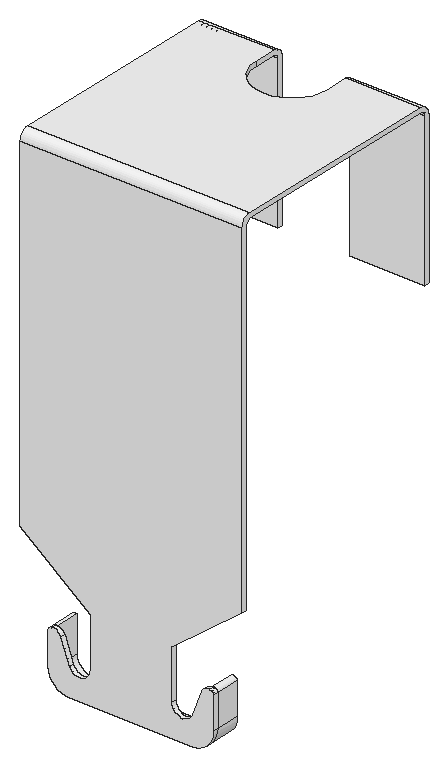
Revit family "特殊60mmSクリップ", category 機械設備, Revit 2020
Family settings
  丸型コネクタ寸法 = 直径を使用
  種別 = なし
  パーツ タイプ = 標準
  作業面ベース = いいえ
  常に垂直 = はい
  ロード時にボイドで切り取り = いいえ
  共有 = いいえ
  部屋計算ポイント = いいえ
Parameters
  製造元 = "株式会社桐井製作所"
  既定の高さ = 0 mm
  URL = "https://www.kirii.co.jp/"
  K_品名 = "特殊60mmSクリップ"
  K_名称 = "特殊クリップ"
  K_入数 = "500"
  K_バージョン情報 = "20211012"
Reference planes
  plane 1 "中心(正面/背面)": y = 0
  plane 2: z = 0
  plane 3 "中心(左/右)": x = 0
Forms (mm)
  Extrusion 1, solid
    sketch origin (0, 30, 0) x (0, 1, 0) y (0, 0, 1)
      loop
        line (-30, 0) -> (-29.4, -0.6) -> (-29.4, 66.75)
        arc (-29.4, 66.75) -> (-29.034, 67.634) -> (-28.15, 68) r 1.25
        line (-28.15, 68) -> (1.25, 68)
        arc (1.25, 68) -> (1.71, 67.81) -> (1.9, 67.35) r 0.65
        line (1.9, 67.35) -> (1.9, 45.5) -> (2.5, 46.1) -> (2.5, 67.35)
        arc (2.5, 67.35) -> (2.134, 68.234) -> (1.25, 68.6) r 1.25
        line (1.25, 68.6) -> (-28.75, 68.6)
        arc (-28.75, 68.6) -> (-29.634, 68.234) -> (-30, 67.35) r 1.25
        line (-30, 67.35) -> (-30, 0)
    from -15.5 to 15.5
  Extrusion 2, void
    sketch origin (0, -0.6, -0.8) x (0, 1, 0) y (0, 0, 1)
      loop
        line (0.387, 0.8) -> (0.387, -0.064) -> (1.428, -0.064) -> (1.428, 0.8) -> (0.387, 0.8)
    from -15.5 to 15.5
  Extrusion 3, void
    sketch origin (0, 0, 0) x (1, 0, 0) y (0, 0, 1)
      loop
        line (-15.5, 19.1) -> (-15.5, 0) -> (-8.6, 0)
        arc (-8.6, 0) -> (-10.721, 0.879) -> (-11.6, 3) r 3
        line (-11.6, 3) -> (-11.6, 7.5)
        arc (-11.6, 7.5) -> (-11.399, 7.841) -> (-11.035, 7.996) r 0.631
        arc (-11.035, 7.996) -> (-10.291, 7.813) -> (-9.81, 7.217) r 1.2
        line (-9.81, 7.217) -> (-8.602, 3.967)
        arc (-8.602, 3.967) -> (-6.929, 3.025) -> (-5.7, 4.5) r 1.5
        line (-5.7, 4.5) -> (-5.7, 11.5) -> (-15.5, 19.1)
      loop
        line (15.5, 19.1) -> (5.7, 11.5) -> (5.7, 4.5)
        arc (5.7, 4.5) -> (6.929, 3.025) -> (8.602, 3.967) r 1.5
        line (8.602, 3.967) -> (9.81, 7.217)
        arc (9.81, 7.217) -> (10.291, 7.813) -> (11.035, 7.996) r 1.2
        arc (11.035, 7.996) -> (11.399, 7.841) -> (11.6, 7.5) r 0.631
        line (11.6, 7.5) -> (11.6, 3)
        arc (11.6, 3) -> (10.721, 0.879) -> (8.6, 0) r 3
        line (8.6, 0) -> (15.5, 0) -> (15.5, 19.1)
    from -0.6 to 0
  Extrusion 4, void
    sketch origin (0, 19.721, 34.972) x (1, 0, 0) y (0, 1, 0)
      loop
        line (-5, 12.779) -> (-5, 8.279)
        arc (-5, 8.279) -> (0, 3.279) -> (5, 8.279) r 5
        line (5, 8.279) -> (5, 12.779) -> (-5, 12.779)
    from 10.251 to 33.628
  Extrusion 5, void
    sketch origin (0, 15.621, 21.326) x (0, 1, 0) y (0, 0, 1)
      loop
        line (15.756, 24.774) -> (15.756, 23.898) -> (16.879, 23.898) -> (16.879, 24.774) -> (15.756, 24.774)
    from -15.5 to 15.5
  Extrusion 6, solid
    sketch origin (0, 0, 0) x (1, 0, 0) y (0, 0, 1)
      loop
        arc (11.6, 7.5) -> (11.303, 7.911) -> (10.8, 7.971) r 0.631
        line (10.8, 7.971) -> (10.8, 3)
        arc (10.8, 3) -> (10.156, 1.444) -> (8.6, 0.8) r 2.2
        line (8.6, 0.8) -> (-8.6, 0.8)
        arc (-8.6, 0.8) -> (-10.156, 1.444) -> (-10.8, 3) r 2.2
        line (-10.8, 3) -> (-10.8, 7.971)
        arc (-10.8, 7.971) -> (-11.303, 7.911) -> (-11.6, 7.5) r 0.631
        line (-11.6, 7.5) -> (-11.6, 3)
        arc (-11.6, 3) -> (-10.721, 0.879) -> (-8.6, 0) r 3
        line (-8.6, 0) -> (8.6, 0)
        arc (8.6, 0) -> (10.721, 0.879) -> (11.6, 3) r 3
        line (11.6, 3) -> (11.6, 7.5)
    from -4 to -0.6
Cuts and joins
  Extrusion 2, Extrusion 3, Extrusion 4, Extrusion 5 cuts Extrusion 1
Dimensions and locks
  aligned and locked: level to plane 2
